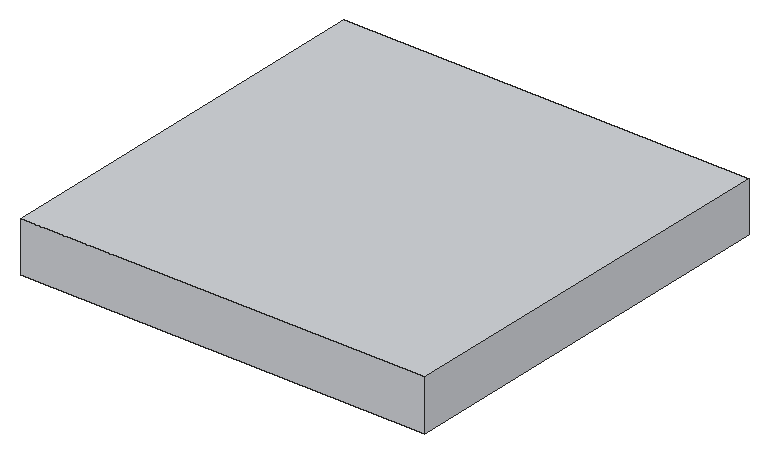
Revit family "00-7402-05-05", category Luminarias, Revit 2017
Family settings
  Anfitrión = Cara
  Cota de conector redondo = Diámetro de uso
  Tipo de pieza = Normal
  Número OmniClass = 23.80.70.00
  Título OmniClass = Lighting
  Corte con vacíos al cargar = No
  Origen de luz = No
  Compartido = Sí
  Punto de cálculo de habitación = No
Parameters (values of type "00-7402-05-05")
  Versión = "v1"
  Vatios (W) = 92
  Tipo de regulación = ""
  Tipo = "Colgante"
  Tender text (English) = "LEDS C4\nAttic Quadruple Rectangular Shape\n00-7402-05-05\n\nPendant for indoor and outdoor use. \n\nFor downlighting. Design by Nahtrang. Ideal deco-tech compositions. Timeless design. Highly versatile, multiple installations. Highly customisable: accessories, finishes… No visible screws. Optimum price-performance. Easy instalation. High durability for intensive use. Structure material: Aluminium. Structure finish: Black. Warranty: 5 Years.\n\nProduct net weight (Kg): 3.110\nProduct length (mm): 8000\nProduct width or diameter (mm): 150\nProduct height (mm): 1750\n\nClass 2. IP: IP20. E27. Maximum length of luminaire bulb: 120. Maximum diameter of luminaire bulb: 100. No. of lampholders or LEDs: 4. Maximum power of light source: 23W. Gear included: No. Total power: 92. Power factor: 1.00."
  Tender text (Castellano) = "LEDS C4\nAttic Quadruple Rectangular Shape\n00-7402-05-05\n\nColgante de uso interior y exterior para iluminar hacia abajo. \n\nDiseño de Nahtrang. Ideal composiciones deco-tech. Diseño atemporal. Muy versátil. Múltiples instalaciones. Muy customizable: accesorios, acabados… Sin tornillos a la vista. Òptimo precio-rendimiento. Fácil instalación. Alta durabilidad para uso intensivo. Material estructura: Aluminio. Acabado estructura: Negro. Garantía: 5 Años.\n\nPeso neto del producto (Kg): 3.110\nLongitud del producto (mm): 8000\nAnchura o diámetro del producto (mm): 150\nAltura del producto (mm): 1750\n\nClase 2. IP: IP20. E27. Longitud máxima de la bombilla que admite la luminaria: 120. Diámetro máximo de la bombilla que admite la luminaria: 100. Nº de portalámparas o Leds: 4. Potencia máxima de la fuente de luz: 23W. Equipo incluido: No. Potencia total: 92. Factor de potencia: 1.00."
  Temperatura color led (K) = ""
  Referencia = "00-7402-05-05"
  Rayo de luz = ""
  Producto descatalogado = "Catalogado ES"
  Pluma comercial = "http://files.leds-c4.com/pl/00-7402-05-05.html"
  Peso neto (KG) = 3.11
  Material = "Aluminio"
  Lumenes reales (lm) = 0
  LDT = "http://files.leds-c4.com/ldt/00-7402-05-05.html"
  Imagen web = "http://files.leds-c4.com/main-photo/00-7402-05-05"
  IfcExportType = "NOTDEFINED"
  IfcExportAs = "IfcLightFixture\r\nIfcLightFixture"
  IP = "IP20"
  IMC = "http://files.leds-c4.com/imc/00-7402-05-05.html"
  IK = ""
  Fuente de luz = ""
  Fotometría = "http://files.leds-c4.com/fm/00-7402-05-05.html"
  Ficha = "http://files.leds-c4.com/ft/es/00-7402-05-05.html"
  FechaVersion = "Julio 2020"
  Familia = "Attic Quadruple Rectangular Shape"
  Fabricante = "LEDS C4"
  Etiqueta V/f = "100-240V/50-60Hz"
  Elevación por defecto = 1000 mm
  Eficiencia energética = "NO BULB"
  EAN13 = "8435526891559"
  DescripcionUniformat2010 = "Lighting"
  DescripcionUniclass2015 = "Lighting"
  DescripcionOmniclass = "Lighting"
  DescripcionGubimclass = "Iluminación interior"
  CodigoUniformat2010 = "D5040"
  CodigoUniclass2015 = "EF_70_80"
  CodigoOmniclass = "21-04 50 40"
  CodigoGubimclass = "50.60.50.20"
  Catálogo = "Decorative"
  Carga aparente = 0 VA
  CRI = 0
  Acabado = "Negro"
Values of the unnamed type that differ from the named types
  Vatios (W) = 0
  Tipo = ""
  Tender text (English) = ""
  Tender text (Castellano) = ""
  Referencia = ""
  Producto descatalogado = ""
  Pluma comercial = ""
  Peso neto (KG) = 0
  Material = ""
  LDT = ""
  Imagen web = ""
  IP = ""
  IMC = ""
  Fotometría = ""
  Ficha = ""
  Familia = ""
  Etiqueta V/f = ""
  Eficiencia energética = ""
  EAN13 = ""
  Catálogo = ""
  Acabado = ""
Reference planes
  plane 1 "Centro (Frontal/Posterior)": y = 0
  plane 2: z = 0
  plane 3 "Centro (Izquierda/Derecha)": x = 0
  plane 4 "Elevación de origen de luz": z = 0
  plane 5 "Eje de origen de luz (F/P)": y = 0
  plane 6 "Eje de origen de luz (I/D)": x = 0
Forms (mm)
  Extrusion 1, solid
    sketch origin (0, 0, 0) x (1, 0, 0) y (0, 1, 0)
      loop
        line (-1219.2, 1219.2) -> (-1219.2, -1219.2) -> (1219.2, -1219.2) -> (1219.2, 1219.2) -> (-1219.2, 1219.2)
    from 0 to -304.8
Dimensions and locks
  aligned and locked: plane 2 to Extrusion 1
  aligned and locked: level to Extrusion 1
Nested families
  nested 1: "Luz anidada" at (0, -4458.959, 1637.229), type "Tipo1"
  nested 2: "Luz anidada" at (0, -1493.631, 1636.181), type "Tipo1"
  nested 3: "Luz anidada" at (0, 1472.276, 1635.731), type "Tipo1"
  nested 4: "Luz anidada" at (0, 4434.471, 1634.099), type "Tipo1"
Connectors
  electrical at (0, 0, 0)
    settings: on Extrusion 1, index 1, voltage 0 V, apparent load 0 VA, apparent load phase1 0 VA, apparent load phase2 0 VA, apparent load phase3 0 VA, power factor 1, load classification "Otro", number of poles 1, system type 31, power factor state 1, is connector primary yes, connector utility no, sub classification motor no, connector description ""
Definition of nested family "Luz anidada"
  Parameters (values of type "Tipo1")
    Tilt Angle = 90.00°
    Wattage = 23 W
    Tipo de regulación = ""
    Tipo = ""
    Tender text = ""
    built-in parameter 1150110 = 1 (stored number, unit not read)
    Pluma comercial = ""
    Material = ""
    Imagen = ""
    IP = ""
    IMC = ""
    IK = ""
    Fotometría = ""
    Ficha = ""
    Familia = ""
    Estado en catálogo = ""
    Peso neto = ""
    Lamp = ""
    built-in parameter 1114217 = 1 (stored number, unit not read)
    built-in parameter 1150109 = 1 (stored number, unit not read)
    Etiqueta vf = ""
    Eficiencia energética = ""
    EAN13 = ""
    built-in parameter 1150134 = (empty or 0)
    built-in parameter 1150113 = 1 (stored number, unit not read)
    Lumens = 2391 lm
    built-in parameter 1150115 = 1 (stored number, unit not read)
    built-in parameter 1150105 = 109.82 (stored number, unit not read)
    built-in parameter 1150137 = (empty or 0)
    built-in parameter 1150139 = (empty or 0)
    built-in parameter 1150112 = 1 (stored number, unit not read)
    built-in parameter 1150114 = 1 (stored number, unit not read)
    built-in parameter 1150132 = (empty or 0)
    built-in parameter 1150102 = (empty or 0)
    built-in parameter 1150138 = (empty or 0)
    built-in parameter 1150107 = 2700 (stored number, unit not read)
    built-in parameter 1150106 = 1.0982 (stored number, unit not read)
    built-in parameter 1150104 = 4.6452 (stored number, unit not read)
    Catálogo = ""
    Dimming Lamp Color Temperature Shift = (empty or 0)
    Color Filter = 16777215
    built-in parameter 1114218 = 1 (stored number, unit not read)
    CRI = 0
    Photometric Web File = "00-7402-05-05_1.ies"
    Acabado = ""
    built-in parameter 1150133 = 10 (stored number, unit not read)
  Reference planes
    plane 1 "Eje de origen de luz (F/P)": y = 0
    plane 2: z = 0
    plane 3 "Eje de origen de luz (I/D)": x = 0
    plane 4 "Elevación de origen de luz": z = 0
  Dimensions and locks
    aligned and locked: plane 3 "Eje de origen de luz (I/D)" to imposter light
    aligned and locked: plane 1 "Eje de origen de luz (F/P)" to imposter light
    aligned and locked: plane 4 "Elevación de origen de luz" to imposter light
    aligned and locked: level to plane 2
